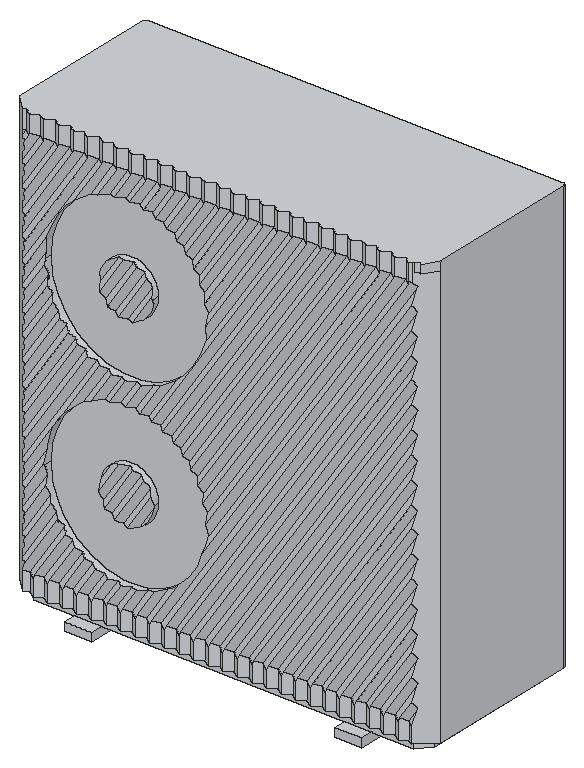
Revit family "HPR17HT", category Mechanical Equipment, Revit 2021 (continued)
Forms (mm)
  Extrusion 17, void
    sketch origin (0, 257.5, 0) x (-1, 0, 0) y (0, 0, 1)
      loop
        arc (-67.279, 726.829) -> (-67.279, 744.507) -> (-84.957, 744.507) r 12.5
        line (-84.957, 744.507) -> (-106.17, 723.293)
      loop
        arc (-106.17, 665.793) -> (-106.17, 648.116) -> (-88.492, 648.116) r 12.5
        line (-88.492, 648.116) -> (-67.279, 669.329)
        arc (-67.279, 669.329) -> (-67.279, 687.007) -> (-84.957, 687.007) r 12.5
        line (-84.957, 687.007) -> (-106.17, 665.793)
      loop
        arc (-106.17, 608.293) -> (-106.17, 590.616) -> (-88.492, 590.616) r 12.5
        line (-88.492, 590.616) -> (-67.279, 611.829)
        arc (-67.279, 611.829) -> (-67.279, 629.507) -> (-84.957, 629.507) r 12.5
        line (-84.957, 629.507) -> (-106.17, 608.293)
      loop
        arc (-106.17, 550.793) -> (-106.17, 533.116) -> (-88.492, 533.116) r 12.5
        line (-88.492, 533.116) -> (-67.279, 554.329)
        arc (-67.279, 554.329) -> (-67.279, 572.007) -> (-84.957, 572.007) r 12.5
        line (-84.957, 572.007) -> (-106.17, 550.793)
      loop
        arc (-106.17, 493.293) -> (-106.17, 475.616) -> (-88.492, 475.616) r 12.5
        line (-88.492, 475.616) -> (-67.279, 496.829)
        arc (-67.279, 496.829) -> (-67.279, 514.507) -> (-84.957, 514.507) r 12.5
        line (-84.957, 514.507) -> (-106.17, 493.293)
      loop
        arc (-106.17, 435.793) -> (-106.17, 418.116) -> (-88.492, 418.116) r 12.5
        line (-88.492, 418.116) -> (-67.279, 439.329)
        arc (-67.279, 439.329) -> (-67.279, 457.007) -> (-84.957, 457.007) r 12.5
        line (-84.957, 457.007) -> (-106.17, 435.793)
      loop
        arc (-106.17, 378.293) -> (-106.17, 360.616) -> (-88.492, 360.616) r 12.5
        line (-88.492, 360.616) -> (-67.279, 381.829)
        arc (-67.279, 381.829) -> (-67.279, 399.507) -> (-84.957, 399.507) r 12.5
        line (-84.957, 399.507) -> (-106.17, 378.293)
      loop
        arc (-106.17, 320.793) -> (-106.17, 303.116) -> (-88.492, 303.116) r 12.5
        line (-88.492, 303.116) -> (-67.279, 324.329)
        arc (-67.279, 324.329) -> (-67.279, 342.007) -> (-84.957, 342.007) r 12.5
        line (-84.957, 342.007) -> (-106.17, 320.793)
      loop
        arc (-106.17, 263.293) -> (-106.17, 245.616) -> (-88.492, 245.616) r 12.5
        line (-88.492, 245.616) -> (-67.279, 266.829)
        arc (-67.279, 266.829) -> (-67.279, 284.507) -> (-84.957, 284.507) r 12.5
        line (-84.957, 284.507) -> (-106.17, 263.293)
      loop
        arc (-106.17, 205.793) -> (-106.17, 188.116) -> (-88.492, 188.116) r 12.5
        line (-88.492, 188.116) -> (-67.279, 209.329)
        arc (-67.279, 209.329) -> (-67.279, 227.007) -> (-84.957, 227.007) r 12.5
        line (-84.957, 227.007) -> (-106.17, 205.793)
      loop
        arc (-106.17, 148.293) -> (-106.17, 130.616) -> (-88.492, 130.616) r 12.5
        line (-88.492, 130.616) -> (-67.279, 151.829)
        arc (-67.279, 151.829) -> (-67.279, 169.507) -> (-84.957, 169.507) r 12.5
        line (-84.957, 169.507) -> (-106.17, 148.293)
      loop
        arc (-106.17, 90.793) -> (-106.17, 73.116) -> (-88.492, 73.116) r 12.5
        line (-88.492, 73.116) -> (-67.279, 94.329)
        arc (-67.279, 94.329) -> (-67.279, 112.007) -> (-84.957, 112.007) r 12.5
        line (-84.957, 112.007) -> (-106.17, 90.793)
    from -25 to 10
  Sweep 18, void
    path origin (-909.327, -257.5, 0) x (-1, 0, 0) y (0, 0, 1)
      loop
        line (-613.5, 1329) -> (-613.5, 1279) -> (154.5, 110) -> (154.5, 50)
    profile "Family2 : Family2" origin (-295.827, -257.5, 1304) x (-1, 0, 0) y (0, 1, 0)
      loop
        line (0, 0) -> (-21.651, 12.5) -> (-43.301, 0) -> (-43.301, -5) -> (0, -5) -> (0, 0)
  Sweep 19, void
    path origin (-866.025, -257.5, 0) x (-1, 0, 0) y (0, 0, 1)
      loop
        line (-613.5, 1329) -> (-613.5, 1279) -> (154.5, 110) -> (154.5, 50)
    profile "Family2 : Family2" origin (-252.525, -257.5, 1304) x (-1, 0, 0) y (0, 1, 0)
      loop
        line (0, 0) -> (-21.651, 12.5) -> (-43.301, 0) -> (-43.301, -5) -> (0, -5) -> (0, 0)
  Sweep 20, void
    path origin (-822.724, -257.5, 0) x (-1, 0, 0) y (0, 0, 1)
      loop
        line (-613.5, 1329) -> (-613.5, 1279) -> (154.5, 110) -> (154.5, 50)
    profile "Family2 : Family2" origin (-209.224, -257.5, 1304) x (-1, 0, 0) y (0, 1, 0)
      loop
        line (0, 0) -> (-21.651, 12.5) -> (-43.301, 0) -> (-43.301, -5) -> (0, -5) -> (0, 0)
  Sweep 21, void
    path origin (-779.423, -257.5, 0) x (-1, 0, 0) y (0, 0, 1)
      loop
        line (-613.5, 1329) -> (-613.5, 1279) -> (154.5, 110) -> (154.5, 50)
    profile "Family2 : Family2" origin (-165.923, -257.5, 1304) x (-1, 0, 0) y (0, 1, 0)
      loop
        line (0, 0) -> (-21.651, 12.5) -> (-43.301, 0) -> (-43.301, -5) -> (0, -5) -> (0, 0)
  Sweep 22, void
    path origin (-736.122, -257.5, 0) x (-1, 0, 0) y (0, 0, 1)
      loop
        line (-613.5, 1329) -> (-613.5, 1279) -> (154.5, 110) -> (154.5, 50)
    profile "Family2 : Family2" origin (-122.622, -257.5, 1304) x (-1, 0, 0) y (0, 1, 0)
      loop
        line (0, 0) -> (-21.651, 12.5) -> (-43.301, 0) -> (-43.301, -5) -> (0, -5) -> (0, 0)
  Sweep 23, void
    path origin (-692.82, -257.5, 0) x (-1, 0, 0) y (0, 0, 1)
      loop
        line (-613.5, 1329) -> (-613.5, 1279) -> (154.5, 110) -> (154.5, 50)
    profile "Family2 : Family2" origin (-79.32, -257.5, 1304) x (-1, 0, 0) y (0, 1, 0)
      loop
        line (0, 0) -> (-21.651, 12.5) -> (-43.301, 0) -> (-43.301, -5) -> (0, -5) -> (0, 0)
  Sweep 24, void
    path origin (-649.519, -257.5, 0) x (-1, 0, 0) y (0, 0, 1)
      loop
        line (-613.5, 1329) -> (-613.5, 1279) -> (154.5, 110) -> (154.5, 50)
    profile "Family2 : Family2" origin (-36.019, -257.5, 1304) x (-1, 0, 0) y (0, 1, 0)
      loop
        line (0, 0) -> (-21.651, 12.5) -> (-43.301, 0) -> (-43.301, -5) -> (0, -5) -> (0, 0)
  Sweep 25, void
    path origin (-606.218, -257.5, 0) x (-1, 0, 0) y (0, 0, 1)
      loop
        line (-613.5, 1329) -> (-613.5, 1279) -> (154.5, 110) -> (154.5, 50)
    profile "Family2 : Family2" origin (7.282, -257.5, 1304) x (-1, 0, 0) y (0, 1, 0)
      loop
        line (0, 0) -> (-21.651, 12.5) -> (-43.301, 0) -> (-43.301, -5) -> (0, -5) -> (0, 0)
  Sweep 26, void
    path origin (-562.917, -257.5, 0) x (-1, 0, 0) y (0, 0, 1)
      loop
        line (-613.5, 1329) -> (-613.5, 1279) -> (154.5, 110) -> (154.5, 50)
    profile "Family2 : Family2" origin (50.583, -257.5, 1304) x (-1, 0, 0) y (0, 1, 0)
      loop
        line (0, 0) -> (-21.651, 12.5) -> (-43.301, 0) -> (-43.301, -5) -> (0, -5) -> (0, 0)
  Sweep 27, void
    path origin (-519.615, -257.5, 0) x (-1, 0, 0) y (0, 0, 1)
      loop
        line (-613.5, 1329) -> (-613.5, 1279) -> (154.5, 110) -> (154.5, 50)
    profile "Family2 : Family2" origin (93.885, -257.5, 1304) x (-1, 0, 0) y (0, 1, 0)
      loop
        line (0, 0) -> (-21.651, 12.5) -> (-43.301, 0) -> (-43.301, -5) -> (0, -5) -> (0, 0)
  Sweep 28, void
    path origin (-476.314, -257.5, 0) x (-1, 0, 0) y (0, 0, 1)
      loop
        line (-613.5, 1329) -> (-613.5, 1279) -> (154.5, 110) -> (154.5, 50)
    profile "Family2 : Family2" origin (137.186, -257.5, 1304) x (-1, 0, 0) y (0, 1, 0)
      loop
        line (0, 0) -> (-21.651, 12.5) -> (-43.301, 0) -> (-43.301, -5) -> (0, -5) -> (0, 0)
  Sweep 29, void
    path origin (-433.013, -257.5, 0) x (-1, 0, 0) y (0, 0, 1)
      loop
        line (-613.5, 1329) -> (-613.5, 1279) -> (154.5, 110) -> (154.5, 50)
    profile "Family2 : Family2" origin (180.487, -257.5, 1304) x (-1, 0, 0) y (0, 1, 0)
      loop
        line (0, 0) -> (-21.651, 12.5) -> (-43.301, 0) -> (-43.301, -5) -> (0, -5) -> (0, 0)
  Sweep 30, void
    path origin (-389.711, -257.5, 0) x (-1, 0, 0) y (0, 0, 1)
      loop
        line (-613.5, 1329) -> (-613.5, 1279) -> (154.5, 110) -> (154.5, 50)
    profile "Family2 : Family2" origin (223.789, -257.5, 1304) x (-1, 0, 0) y (0, 1, 0)
      loop
        line (0, 0) -> (-21.651, 12.5) -> (-43.301, 0) -> (-43.301, -5) -> (0, -5) -> (0, 0)
  Sweep 31, void
    path origin (-346.41, -257.5, 0) x (-1, 0, 0) y (0, 0, 1)
      loop
        line (-613.5, 1329) -> (-613.5, 1279) -> (154.5, 110) -> (154.5, 50)
    profile "Family2 : Family2" origin (267.09, -257.5, 1304) x (-1, 0, 0) y (0, 1, 0)
      loop
        line (0, 0) -> (-21.651, 12.5) -> (-43.301, 0) -> (-43.301, -5) -> (0, -5) -> (0, 0)
  Sweep 32, void
    path origin (-303.109, -257.5, 0) x (-1, 0, 0) y (0, 0, 1)
      loop
        line (-613.5, 1329) -> (-613.5, 1279) -> (154.5, 110) -> (154.5, 50)
    profile "Family2 : Family2" origin (310.391, -257.5, 1304) x (-1, 0, 0) y (0, 1, 0)
      loop
        line (0, 0) -> (-21.651, 12.5) -> (-43.301, 0) -> (-43.301, -5) -> (0, -5) -> (0, 0)
  Sweep 33, void
    path origin (-259.808, -257.5, 0) x (-1, 0, 0) y (0, 0, 1)
      loop
        line (-613.5, 1329) -> (-613.5, 1279) -> (154.5, 110) -> (154.5, 50)
    profile "Family2 : Family2" origin (353.692, -257.5, 1304) x (-1, 0, 0) y (0, 1, 0)
      loop
        line (0, 0) -> (-21.651, 12.5) -> (-43.301, 0) -> (-43.301, -5) -> (0, -5) -> (0, 0)
  Sweep 34, void
    path origin (-216.506, -257.5, 0) x (-1, 0, 0) y (0, 0, 1)
      loop
        line (-613.5, 1329) -> (-613.5, 1279) -> (154.5, 110) -> (154.5, 50)
    profile "Family2 : Family2" origin (396.994, -257.5, 1304) x (-1, 0, 0) y (0, 1, 0)
      loop
        line (0, 0) -> (-21.651, 12.5) -> (-43.301, 0) -> (-43.301, -5) -> (0, -5) -> (0, 0)
  Sweep 35, void
    path origin (-173.205, -257.5, 0) x (-1, 0, 0) y (0, 0, 1)
      loop
        line (-613.5, 1329) -> (-613.5, 1279) -> (154.5, 110) -> (154.5, 50)
    profile "Family2 : Family2" origin (440.295, -257.5, 1304) x (-1, 0, 0) y (0, 1, 0)
      loop
        line (0, 0) -> (-21.651, 12.5) -> (-43.301, 0) -> (-43.301, -5) -> (0, -5) -> (0, 0)
  Sweep 36, void
    path origin (-129.904, -257.5, 0) x (-1, 0, 0) y (0, 0, 1)
      loop
        line (-613.5, 1329) -> (-613.5, 1279) -> (154.5, 110) -> (154.5, 50)
    profile "Family2 : Family2" origin (483.596, -257.5, 1304) x (-1, 0, 0) y (0, 1, 0)
      loop
        line (0, 0) -> (-21.651, 12.5) -> (-43.301, 0) -> (-43.301, -5) -> (0, -5) -> (0, 0)
  Sweep 37, void
    path origin (-86.603, -257.5, 0) x (-1, 0, 0) y (0, 0, 1)
      loop
        line (-613.5, 1329) -> (-613.5, 1279) -> (154.5, 110) -> (154.5, 50)
    profile "Family2 : Family2" origin (526.897, -257.5, 1304) x (-1, 0, 0) y (0, 1, 0)
      loop
        line (0, 0) -> (-21.651, 12.5) -> (-43.301, 0) -> (-43.301, -5) -> (0, -5) -> (0, 0)
  Sweep 38, void
    path origin (-43.301, -257.5, 0) x (-1, 0, 0) y (0, 0, 1)
      loop
        line (-613.5, 1329) -> (-613.5, 1279) -> (154.5, 110) -> (154.5, 50)
    profile "Family2 : Family2" origin (570.199, -257.5, 1304) x (-1, 0, 0) y (0, 1, 0)
      loop
        line (0, 0) -> (-21.651, 12.5) -> (-43.301, 0) -> (-43.301, -5) -> (0, -5) -> (0, 0)
  Sweep 39, void
    path origin (0, -257.5, 0) x (-1, 0, 0) y (0, 0, 1)
      loop
        line (-613.5, 1329) -> (-613.5, 1279) -> (154.5, 110) -> (154.5, 50)
    profile "Family2 : Family2" origin (613.5, -257.5, 1304) x (-1, 0, 0) y (0, 1, 0)
      loop
        line (0, 0) -> (-21.651, 12.5) -> (-43.301, 0) -> (-43.301, -5) -> (0, -5) -> (0, 0)
  Sweep 40, void
    path origin (43.301, -257.5, 0) x (-1, 0, 0) y (0, 0, 1)
      loop
        line (-613.5, 1329) -> (-613.5, 1279) -> (154.5, 110) -> (154.5, 50)
    profile "Family2 : Family2" origin (656.801, -257.5, 1304) x (-1, 0, 0) y (0, 1, 0)
      loop
        line (0, 0) -> (-21.651, 12.5) -> (-43.301, 0) -> (-43.301, -5) -> (0, -5) -> (0, 0)
  Sweep 41, void
    path origin (86.603, -257.5, 0) x (-1, 0, 0) y (0, 0, 1)
      loop
        line (-613.5, 1329) -> (-613.5, 1279) -> (154.5, 110) -> (154.5, 50)
    profile "Family2 : Family2" origin (700.103, -257.5, 1304) x (-1, 0, 0) y (0, 1, 0)
      loop
        line (0, 0) -> (-21.651, 12.5) -> (-43.301, 0) -> (-43.301, -5) -> (0, -5) -> (0, 0)
  Sweep 42, void
    path origin (129.904, -257.5, 0) x (-1, 0, 0) y (0, 0, 1)
      loop
        line (-613.5, 1329) -> (-613.5, 1279) -> (154.5, 110) -> (154.5, 50)
    profile "Family2 : Family2" origin (743.404, -257.5, 1304) x (-1, 0, 0) y (0, 1, 0)
      loop
        line (0, 0) -> (-21.651, 12.5) -> (-43.301, 0) -> (-43.301, -5) -> (0, -5) -> (0, 0)
  Sweep 43, void
    path origin (173.205, -257.5, 0) x (-1, 0, 0) y (0, 0, 1)
      loop
        line (-613.5, 1329) -> (-613.5, 1279) -> (154.5, 110) -> (154.5, 50)
    profile "Family2 : Family2" origin (786.705, -257.5, 1304) x (-1, 0, 0) y (0, 1, 0)
      loop
        line (0, 0) -> (-21.651, 12.5) -> (-43.301, 0) -> (-43.301, -5) -> (0, -5) -> (0, 0)
  Sweep 44, void
    path origin (216.506, -257.5, 0) x (-1, 0, 0) y (0, 0, 1)
      loop
        line (-613.5, 1329) -> (-613.5, 1279) -> (154.5, 110) -> (154.5, 50)
    profile "Family2 : Family2" origin (830.006, -257.5, 1304) x (-1, 0, 0) y (0, 1, 0)
      loop
        line (0, 0) -> (-21.651, 12.5) -> (-43.301, 0) -> (-43.301, -5) -> (0, -5) -> (0, 0)
  Sweep 45, void
    path origin (259.808, -257.5, 0) x (-1, 0, 0) y (0, 0, 1)
      loop
        line (-613.5, 1329) -> (-613.5, 1279) -> (154.5, 110) -> (154.5, 50)
    profile "Family2 : Family2" origin (873.308, -257.5, 1304) x (-1, 0, 0) y (0, 1, 0)
      loop
        line (0, 0) -> (-21.651, 12.5) -> (-43.301, 0) -> (-43.301, -5) -> (0, -5) -> (0, 0)
  Sweep 46, void
    path origin (303.109, -257.5, 0) x (-1, 0, 0) y (0, 0, 1)
      loop
        line (-613.5, 1329) -> (-613.5, 1279) -> (154.5, 110) -> (154.5, 50)
    profile "Family2 : Family2" origin (916.609, -257.5, 1304) x (-1, 0, 0) y (0, 1, 0)
      loop
        line (0, 0) -> (-21.651, 12.5) -> (-43.301, 0) -> (-43.301, -5) -> (0, -5) -> (0, 0)
  Sweep 47, void
    path origin (346.41, -257.5, 0) x (-1, 0, 0) y (0, 0, 1)
      loop
        line (-613.5, 1329) -> (-613.5, 1279) -> (154.5, 110) -> (154.5, 50)
    profile "Family2 : Family2" origin (959.91, -257.5, 1304) x (-1, 0, 0) y (0, 1, 0)
      loop
        line (0, 0) -> (-21.651, 12.5) -> (-43.301, 0) -> (-43.301, -5) -> (0, -5) -> (0, 0)
  Sweep 48, void
    path origin (389.711, -257.5, 0) x (-1, 0, 0) y (0, 0, 1)
      loop
        line (-613.5, 1329) -> (-613.5, 1279) -> (154.5, 110) -> (154.5, 50)
    profile "Family2 : Family2" origin (1003.211, -257.5, 1304) x (-1, 0, 0) y (0, 1, 0)
      loop
        line (0, 0) -> (-21.651, 12.5) -> (-43.301, 0) -> (-43.301, -5) -> (0, -5) -> (0, 0)
  Sweep 49, void
    path origin (433.013, -257.5, 0) x (-1, 0, 0) y (0, 0, 1)
      loop
        line (-613.5, 1329) -> (-613.5, 1279) -> (154.5, 110) -> (154.5, 50)
    profile "Family2 : Family2" origin (1046.513, -257.5, 1304) x (-1, 0, 0) y (0, 1, 0)
      loop
        line (0, 0) -> (-21.651, 12.5) -> (-43.301, 0) -> (-43.301, -5) -> (0, -5) -> (0, 0)
  Sweep 50, void
    path origin (476.314, -257.5, 0) x (-1, 0, 0) y (0, 0, 1)
      loop
        line (-613.5, 1329) -> (-613.5, 1279) -> (154.5, 110) -> (154.5, 50)
    profile "Family2 : Family2" origin (1089.814, -257.5, 1304) x (-1, 0, 0) y (0, 1, 0)
      loop
        line (0, 0) -> (-21.651, 12.5) -> (-43.301, 0) -> (-43.301, -5) -> (0, -5) -> (0, 0)
  Sweep 51, void
    path origin (519.615, -257.5, 0) x (-1, 0, 0) y (0, 0, 1)
      loop
        line (-613.5, 1329) -> (-613.5, 1279) -> (154.5, 110) -> (154.5, 50)
    profile "Family2 : Family2" origin (1133.115, -257.5, 1304) x (-1, 0, 0) y (0, 1, 0)
      loop
        line (0, 0) -> (-21.651, 12.5) -> (-43.301, 0) -> (-43.301, -5) -> (0, -5) -> (0, 0)
  Sweep 52, void
    path origin (562.917, -257.5, 0) x (-1, 0, 0) y (0, 0, 1)
      loop
        line (-613.5, 1329) -> (-613.5, 1279) -> (154.5, 110) -> (154.5, 50)
    profile "Family2 : Family2" origin (1176.417, -257.5, 1304) x (-1, 0, 0) y (0, 1, 0)
      loop
        line (0, 0) -> (-21.651, 12.5) -> (-43.301, 0) -> (-43.301, -5) -> (0, -5) -> (0, 0)
  Sweep 53, void
    path origin (606.218, -257.5, 0) x (-1, 0, 0) y (0, 0, 1)
      loop
        line (-613.5, 1329) -> (-613.5, 1279) -> (154.5, 110) -> (154.5, 50)
    profile "Family2 : Family2" origin (1219.718, -257.5, 1304) x (-1, 0, 0) y (0, 1, 0)
      loop
        line (0, 0) -> (-21.651, 12.5) -> (-43.301, 0) -> (-43.301, -5) -> (0, -5) -> (0, 0)
  Sweep 54, void
    path origin (649.519, -257.5, 0) x (-1, 0, 0) y (0, 0, 1)
      loop
        line (-613.5, 1329) -> (-613.5, 1279) -> (154.5, 110) -> (154.5, 50)
    profile "Family2 : Family2" origin (1263.019, -257.5, 1304) x (-1, 0, 0) y (0, 1, 0)
      loop
        line (0, 0) -> (-21.651, 12.5) -> (-43.301, 0) -> (-43.301, -5) -> (0, -5) -> (0, 0)
  Sweep 55, void
    path origin (692.82, -257.5, 0) x (-1, 0, 0) y (0, 0, 1)
      loop
        line (-613.5, 1329) -> (-613.5, 1279) -> (154.5, 110) -> (154.5, 50)
    profile "Family2 : Family2" origin (1306.32, -257.5, 1304) x (-1, 0, 0) y (0, 1, 0)
      loop
        line (0, 0) -> (-21.651, 12.5) -> (-43.301, 0) -> (-43.301, -5) -> (0, -5) -> (0, 0)
Cuts and joins
  Sweep 2, Sweep 3, Sweep 4, Sweep 5, Sweep 6, Sweep 7, Sweep 8, Extrusion 9, Extrusion 12, Extrusion 17, Sweep 18, Sweep 19, Sweep 20, Sweep 21, Sweep 22, Sweep 23, Sweep 24, Sweep 25, Sweep 26, Sweep 27, Sweep 28, Sweep 29, Sweep 30, Sweep 31, Sweep 32, Sweep 33, Sweep 34, Sweep 35, Sweep 36, Sweep 37, Sweep 38, Sweep 39, Sweep 40, Sweep 41, Sweep 42, Sweep 43, Sweep 44, Sweep 45, Sweep 46, Sweep 47, Sweep 48, Sweep 49, Sweep 50, Sweep 51, Sweep 52, Sweep 53, Sweep 54, Sweep 55 cuts Extrusion 1
  Extrusion 12, Extrusion 17, Sweep 18, Sweep 19, Sweep 20, Sweep 21, Sweep 22, Sweep 23, Sweep 24, Sweep 25, Sweep 26, Sweep 27, Sweep 28, Sweep 29, Sweep 30, Sweep 31, Sweep 32, Sweep 33, Sweep 34, Sweep 35, Sweep 36, Sweep 37, Sweep 38, Sweep 39, Sweep 40, Sweep 41, Sweep 42, Sweep 43, Sweep 44, Sweep 45, Sweep 46, Sweep 47, Sweep 48, Sweep 49, Sweep 50, Sweep 51, Sweep 52, Sweep 53, Sweep 54, Sweep 55 cuts Extrusion 10
  Extrusion 17, Sweep 18, Sweep 19, Sweep 20, Sweep 21, Sweep 22, Sweep 23, Sweep 24, Sweep 25, Sweep 26, Sweep 27, Sweep 28, Sweep 29, Sweep 30, Sweep 31, Sweep 32, Sweep 33, Sweep 34, Sweep 35, Sweep 36, Sweep 37, Sweep 38, Sweep 39, Sweep 40, Sweep 41, Sweep 42, Sweep 43, Sweep 44, Sweep 45, Sweep 46, Sweep 47, Sweep 48, Sweep 49, Sweep 50, Sweep 51, Sweep 52, Sweep 53, Sweep 54, Sweep 55 cuts Extrusion 15
  Extrusion 17, Sweep 18, Sweep 19, Sweep 20, Sweep 21, Sweep 22, Sweep 23, Sweep 24, Sweep 25, Sweep 26, Sweep 27, Sweep 28, Sweep 29, Sweep 30, Sweep 31, Sweep 32, Sweep 33, Sweep 34, Sweep 35, Sweep 36, Sweep 37, Sweep 38, Sweep 39, Sweep 40, Sweep 41, Sweep 42, Sweep 43, Sweep 44, Sweep 45, Sweep 46, Sweep 47, Sweep 48, Sweep 49, Sweep 50, Sweep 51, Sweep 52, Sweep 53, Sweep 54, Sweep 55 cuts Extrusion 16
  joined: Extrusion 1, Extrusion 10, Extrusion 15, Extrusion 16
Dimensions and locks
  equal spacing: plane 4 "BACK", plane 1 "Center (Front/Back)", plane 5 "front"
  "Width": plane 4 "BACK" to plane 5 "front"
  equal spacing: plane 6 "LEFT", plane 3 "Center (Left/Right)", plane 7
  "Length": plane 6 "LEFT" to plane 7
  Extrusion 1 sketch curve to plane 5 "front" = 50.0 mm  (x2)
  Extrusion 1 sketch curve to plane 7 = 50.0 mm
  plane 6 "LEFT" to Extrusion 1 sketch curve = 50.0 mm
  "Overall Height": plane 8 "TOP" to level
  equal spacing: plane 9, plane 1 "Center (Front/Back)", plane 10
  "Overal Width": plane 9 to plane 10
  plane 7 to Extrusion 15 sketch curve = 174.0 mm
  level to Extrusion 15 sketch curve = 1000.0 mm
  equal spacing: plane 12, plane 3 "Center (Left/Right)", plane 11
  "Base": plane 12 to plane 11
  Extrusion 15 sketch curve to Extrusion 15 sketch curve = 166.0 mm
  aligned and locked: level to plane 2
  aligned and locked: Extrusion 1 sketch curve to plane 4 "BACK"
  aligned and locked: plane 7 to Extrusion 1 sketch curve  (x2)
  aligned and locked: plane 6 "LEFT" to Extrusion 1 sketch curve
  aligned and locked: Extrusion 1 sketch curve to plane 5 "front"
Automatic sketch dimensions
  Extrusion 1 sketch curve to Extrusion 1 sketch curve = 10.0 mm
  plane 6 "LEFT" to Extrusion 1 sketch curve = 25.0 mm
  Extrusion 1 sketch curve to Extrusion 1 sketch curve = 10.355 mm  (x4)
  Extrusion 1 sketch curve to plane 7 = 25.0 mm
  Extrusion 1 sketch curve to plane 4 "BACK" = 10.0 mm
  plane 5 "front" to Extrusion 1 sketch curve = 25.0 mm
  Extrusion 1 sketch curve to Extrusion 1 sketch curve = 15.0 mm
  Sweep 2 sketch curve to plane 8 "TOP" = 0.0 mm
  plane 12 to Sweep 2 sketch curve = 60.872 mm
  level to Sweep 2 sketch curve = 110.0 mm
  Sweep 2 sketch curve to plane 6 "LEFT" = 483.628 mm
  plane 8 "TOP" to Sweep 2 sketch curve = 50.0 mm
  level to Sweep 2 sketch curve = 50.0 mm
  Sweep 3 sketch curve to plane 8 "TOP" = 0.0 mm
  plane 12 to Sweep 3 sketch curve = 17.571 mm
  level to Sweep 3 sketch curve = 110.0 mm
  Sweep 3 sketch curve to plane 6 "LEFT" = 526.929 mm
  plane 8 "TOP" to Sweep 3 sketch curve = 50.0 mm
  level to Sweep 3 sketch curve = 50.0 mm
  Sweep 4 sketch curve to plane 8 "TOP" = 0.0 mm
  Sweep 4 sketch curve to plane 12 = 25.73 mm
  level to Sweep 4 sketch curve = 110.0 mm
  Sweep 4 sketch curve to plane 6 "LEFT" = 570.23 mm
  plane 8 "TOP" to Sweep 4 sketch curve = 50.0 mm
  level to Sweep 4 sketch curve = 50.0 mm
  Sweep 5 sketch curve to plane 8 "TOP" = 0.0 mm
  Sweep 5 sketch curve to plane 12 = 69.032 mm
  level to Sweep 5 sketch curve = 110.0 mm
  Sweep 5 sketch curve to plane 6 "LEFT" = 613.532 mm
  plane 8 "TOP" to Sweep 5 sketch curve = 50.0 mm
  level to Sweep 5 sketch curve = 50.0 mm
  Sweep 6 sketch curve to plane 8 "TOP" = 0.0 mm
  plane 8 "TOP" to Sweep 6 sketch curve = 50.0 mm
  plane 6 "LEFT" to Sweep 6 sketch curve = 111.167 mm
  level to Sweep 6 sketch curve = 110.0 mm
  Sweep 6 sketch curve to plane 6 "LEFT" = 656.833 mm
  level to Sweep 6 sketch curve = 50.0 mm
  Sweep 7 sketch curve to plane 8 "TOP" = 0.0 mm
  plane 6 "LEFT" to Sweep 7 sketch curve = 67.866 mm
  level to Sweep 7 sketch curve = 110.0 mm
  Sweep 7 sketch curve to plane 6 "LEFT" = 700.134 mm
  plane 8 "TOP" to Sweep 7 sketch curve = 50.0 mm
  level to Sweep 7 sketch curve = 50.0 mm
  Sweep 8 sketch curve to plane 8 "TOP" = 0.0 mm
  plane 6 "LEFT" to Sweep 8 sketch curve = 24.564 mm
  level to Sweep 8 sketch curve = 110.0 mm
  Sweep 8 sketch curve to plane 6 "LEFT" = 743.436 mm
  plane 8 "TOP" to Sweep 8 sketch curve = 50.0 mm
  level to Sweep 8 sketch curve = 50.0 mm
  plane 5 "front" to Extrusion 9 sketch curve = 69.254 mm  (x7)
  Extrusion 9 sketch curve to Extrusion 9 sketch curve = 0.0 mm  (x14)
  Extrusion 9 sketch curve to Extrusion 9 sketch curve = 8.839 mm  (x844)
  Extrusion 9 sketch curve to Extrusion 9 sketch curve = 3.536 mm  (x246)
  Extrusion 9 sketch curve to Extrusion 9 sketch curve = 21.213 mm  (x27)
  Extrusion 9 sketch curve to Extrusion 9 sketch curve = 21.109 mm  (x105)
  plane 8 "TOP" to Extrusion 9 sketch curve = 66.946 mm  (x2)
  plane 1 "Center (Front/Back)" to Extrusion 9 sketch curve = 8.246 mm  (x21)
  Extrusion 9 sketch curve to plane 1 "Center (Front/Back)" = 0.593 mm  (x21)
  Extrusion 9 sketch curve to plane 1 "Center (Front/Back)" = 9.432 mm  (x21)
  Extrusion 9 sketch curve to plane 1 "Center (Front/Back)" = 12.967 mm  (x21)
  plane 8 "TOP" to Extrusion 9 sketch curve = 75.785 mm
  Extrusion 9 sketch curve to Extrusion 9 sketch curve = 18.609 mm  (x140)
  Extrusion 10 sketch curve to plane 4 "BACK" = 0.0 mm
  Extrusion 10 sketch curve to plane 6 "LEFT" = 0.0 mm
  Extrusion 10 sketch curve to plane 7 = 0.0 mm
  Extrusion 10 sketch curve to plane 5 "front" = 0.0 mm  (x28)
  Extrusion 10 sketch curve to plane 4 "BACK" = 10.0 mm  (x2)
  plane 5 "front" to Extrusion 10 sketch curve = 50.0 mm  (x2)
  plane 5 "front" to Extrusion 10 sketch curve = 12.5 mm  (x28)
  Extrusion 10 sketch curve to plane 12 = 4.08 mm
  Extrusion 10 sketch curve to plane 11 = 1.356 mm
  Extrusion 10 sketch curve to Extrusion 10 sketch curve = 3.19 mm
  plane 6 "LEFT" to Extrusion 10 sketch curve = 40.69 mm
  Extrusion 10 sketch curve to Extrusion 10 sketch curve = 5.525 mm
  Extrusion 10 sketch curve to Extrusion 10 sketch curve = 21.651 mm  (x47)
  plane 12 to Extrusion 10 sketch curve = 17.571 mm
  Extrusion 10 sketch curve to plane 3 "Center (Left/Right)" = 14.368 mm
  Extrusion 10 sketch curve to Extrusion 10 sketch curve = 1.651 mm
  plane 3 "Center (Left/Right)" to Extrusion 10 sketch curve = 8.933 mm
  Extrusion 10 sketch curve to plane 11 = 23.006 mm
  plane 11 to Extrusion 10 sketch curve = 20.295 mm
  plane 6 "LEFT" to Extrusion 11 sketch curve = 25.0 mm
  plane 5 "front" to Extrusion 11 sketch curve = 25.0 mm
  Extrusion 11 sketch curve to Extrusion 11 sketch curve = 35.355 mm  (x3)
  Extrusion 11 sketch curve to plane 7 = 60.355 mm
  Extrusion 11 sketch curve to plane 7 = 25.0 mm
  Extrusion 11 sketch curve to plane 4 "BACK" = 25.0 mm
  Extrusion 12 sketch curve to Extrusion 12 sketch curve = 0.0 mm  (x4)
  plane 12 to Extrusion 12 sketch curve = 125.961 mm  (x2)
  level to Extrusion 12 sketch curve = 409.65 mm
  plane 8 "TOP" to Extrusion 12 sketch curve = 371.94 mm
  plane 6 "LEFT" to Extrusion 13 sketch curve = 32.967 mm
  Extrusion 13 sketch curve to plane 7 = 49.033 mm
  plane 5 "front" to Extrusion 13 sketch curve = 47.219 mm
  Extrusion 13 sketch curve to plane 4 "BACK" = 38.781 mm
  Sweep 14 sketch curve to plane 3 "Center (Left/Right)" = 0.0 mm
  Sweep 14 sketch curve to plane 10 = 0.0 mm
  Sweep 14 sketch curve to plane 9 = 0.0 mm
  Sweep 14 sketch curve to level = 0.0 mm  (x2)
  profile plane to Sweep 14 sketch curve = 440.0 mm
  Sweep 14 sketch curve to Sweep 14 sketch curve = 80.0 mm  (x2)
  level to Sweep 14 sketch curve = 25.0 mm  (x2)
  Sweep 14 sketch curve to profile plane = 360.0 mm
  plane 11 to Extrusion 15 sketch curve = 47.857 mm
  Extrusion 16 sketch curve to plane 7 = 77.657 mm
  Extrusion 16 sketch curve to Extrusion 16 sketch curve = 0.774 mm
  plane 8 "TOP" to Extrusion 16 sketch curve = 289.379 mm
  Extrusion 16 sketch curve to Extrusion 16 sketch curve = 30.309 mm
  plane 3 "Center (Left/Right)" to Extrusion 17 sketch curve = 106.17 mm  (x3)
  Extrusion 17 sketch curve to Extrusion 17 sketch curve = 0.0 mm  (x25)
  Extrusion 17 sketch curve to Extrusion 17 sketch curve = 8.839 mm  (x1445)
  Extrusion 17 sketch curve to Extrusion 17 sketch curve = 3.536 mm  (x447)
  Extrusion 17 sketch curve to Extrusion 17 sketch curve = 21.213 mm  (x31)
  Extrusion 17 sketch curve to Extrusion 17 sketch curve = 21.109 mm  (x210)
  plane 3 "Center (Left/Right)" to Extrusion 17 sketch curve = 24.957 mm
  plane 3 "Center (Left/Right)" to Extrusion 17 sketch curve = 7.279 mm  (x21)
  Extrusion 17 sketch curve to plane 3 "Center (Left/Right)" = 13.83 mm  (x21)
  level to Extrusion 17 sketch curve = 73.116 mm  (x5)
  plane 8 "TOP" to Extrusion 17 sketch curve = 66.993 mm  (x2)
  level to Extrusion 17 sketch curve = 94.329 mm  (x2)
  plane 8 "TOP" to Extrusion 17 sketch curve = 84.671 mm  (x2)
  level to Extrusion 17 sketch curve = 90.793 mm
  plane 8 "TOP" to Extrusion 17 sketch curve = 88.207 mm
  plane 8 "TOP" to Extrusion 17 sketch curve = 105.884 mm
  plane 12 to Extrusion 17 sketch curve = 8.492 mm  (x21)
  plane 12 to Extrusion 17 sketch curve = 4.957 mm  (x21)
  Extrusion 17 sketch curve to plane 12 = 3.882 mm  (x21)
  Extrusion 17 sketch curve to Extrusion 17 sketch curve = 18.609 mm  (x239)
  Sweep 18 sketch curve to plane 8 "TOP" = 0.0 mm
  plane 8 "TOP" to Sweep 18 sketch curve = 50.0 mm
  plane 12 to Sweep 18 sketch curve = 104.173 mm
  level to Sweep 18 sketch curve = 110.0 mm
  Sweep 18 sketch curve to plane 6 "LEFT" = 440.327 mm
  level to Sweep 18 sketch curve = 50.0 mm
  Sweep 19 sketch curve to plane 8 "TOP" = 0.0 mm
  plane 8 "TOP" to Sweep 19 sketch curve = 50.0 mm
  plane 12 to Sweep 19 sketch curve = 147.475 mm
  level to Sweep 19 sketch curve = 110.0 mm
  Sweep 19 sketch curve to plane 6 "LEFT" = 397.025 mm
  level to Sweep 19 sketch curve = 50.0 mm
  Sweep 20 sketch curve to plane 8 "TOP" = 0.0 mm
  plane 8 "TOP" to Sweep 20 sketch curve = 50.0 mm
  plane 12 to Sweep 20 sketch curve = 190.776 mm
  level to Sweep 20 sketch curve = 110.0 mm
  Sweep 20 sketch curve to plane 6 "LEFT" = 353.724 mm
  level to Sweep 20 sketch curve = 50.0 mm
  Sweep 21 sketch curve to plane 8 "TOP" = 0.0 mm
  plane 8 "TOP" to Sweep 21 sketch curve = 50.0 mm
  Sweep 21 sketch curve to plane 3 "Center (Left/Right)" = 165.923 mm
  level to Sweep 21 sketch curve = 110.0 mm
  Sweep 21 sketch curve to plane 6 "LEFT" = 310.423 mm
  level to Sweep 21 sketch curve = 50.0 mm
  Sweep 22 sketch curve to plane 8 "TOP" = 0.0 mm
  plane 8 "TOP" to Sweep 22 sketch curve = 50.0 mm
  Sweep 22 sketch curve to plane 3 "Center (Left/Right)" = 122.622 mm
  level to Sweep 22 sketch curve = 110.0 mm
  Sweep 22 sketch curve to plane 6 "LEFT" = 267.122 mm
  level to Sweep 22 sketch curve = 50.0 mm
  Sweep 23 sketch curve to plane 8 "TOP" = 0.0 mm
  Sweep 23 sketch curve to plane 3 "Center (Left/Right)" = 79.32 mm
  level to Sweep 23 sketch curve = 110.0 mm
  Sweep 23 sketch curve to plane 6 "LEFT" = 223.82 mm
  plane 8 "TOP" to Sweep 23 sketch curve = 50.0 mm
  level to Sweep 23 sketch curve = 50.0 mm
  Sweep 24 sketch curve to plane 8 "TOP" = 0.0 mm
  Sweep 24 sketch curve to plane 3 "Center (Left/Right)" = 36.019 mm
  Sweep 24 sketch curve to plane 6 "LEFT" = 180.519 mm
  plane 8 "TOP" to Sweep 24 sketch curve = 50.0 mm
  level to Sweep 24 sketch curve = 110.0 mm
  level to Sweep 24 sketch curve = 50.0 mm
  Sweep 25 sketch curve to plane 8 "TOP" = 0.0 mm
  plane 3 "Center (Left/Right)" to Sweep 25 sketch curve = 7.282 mm
  Sweep 25 sketch curve to plane 6 "LEFT" = 137.218 mm
  plane 8 "TOP" to Sweep 25 sketch curve = 50.0 mm
  level to Sweep 25 sketch curve = 110.0 mm
  level to Sweep 25 sketch curve = 50.0 mm
  Sweep 26 sketch curve to plane 8 "TOP" = 0.0 mm
  plane 3 "Center (Left/Right)" to Sweep 26 sketch curve = 50.583 mm
  Sweep 26 sketch curve to plane 6 "LEFT" = 93.917 mm
  plane 8 "TOP" to Sweep 26 sketch curve = 50.0 mm
  level to Sweep 26 sketch curve = 110.0 mm
  level to Sweep 26 sketch curve = 50.0 mm
  Sweep 27 sketch curve to plane 8 "TOP" = 0.0 mm
  plane 3 "Center (Left/Right)" to Sweep 27 sketch curve = 93.885 mm
  Sweep 27 sketch curve to plane 6 "LEFT" = 50.615 mm
  plane 8 "TOP" to Sweep 27 sketch curve = 50.0 mm
  level to Sweep 27 sketch curve = 110.0 mm
  level to Sweep 27 sketch curve = 50.0 mm
  Sweep 28 sketch curve to plane 8 "TOP" = 0.0 mm
  plane 8 "TOP" to Sweep 28 sketch curve = 50.0 mm
  plane 3 "Center (Left/Right)" to Sweep 28 sketch curve = 137.186 mm
  Sweep 28 sketch curve to plane 6 "LEFT" = 7.314 mm
  level to Sweep 28 sketch curve = 110.0 mm
  level to Sweep 28 sketch curve = 50.0 mm
  Sweep 29 sketch curve to plane 8 "TOP" = 0.0 mm
  plane 8 "TOP" to Sweep 29 sketch curve = 50.0 mm
  plane 3 "Center (Left/Right)" to Sweep 29 sketch curve = 180.487 mm
  plane 6 "LEFT" to Sweep 29 sketch curve = 35.987 mm
  level to Sweep 29 sketch curve = 110.0 mm
  level to Sweep 29 sketch curve = 50.0 mm
  Sweep 30 sketch curve to plane 8 "TOP" = 0.0 mm
  plane 8 "TOP" to Sweep 30 sketch curve = 50.0 mm
  Sweep 30 sketch curve to plane 11 = 176.211 mm
  plane 6 "LEFT" to Sweep 30 sketch curve = 79.289 mm
  level to Sweep 30 sketch curve = 110.0 mm
  level to Sweep 30 sketch curve = 50.0 mm
  Sweep 31 sketch curve to plane 8 "TOP" = 0.0 mm
  plane 8 "TOP" to Sweep 31 sketch curve = 50.0 mm
  Sweep 31 sketch curve to plane 11 = 132.91 mm
  Sweep 31 sketch curve to plane 12 = 100.91 mm
  level to Sweep 31 sketch curve = 110.0 mm
  level to Sweep 31 sketch curve = 50.0 mm
  Sweep 32 sketch curve to plane 8 "TOP" = 0.0 mm
  Sweep 32 sketch curve to plane 11 = 89.609 mm
  Sweep 32 sketch curve to plane 12 = 57.609 mm
  plane 8 "TOP" to Sweep 32 sketch curve = 50.0 mm
  level to Sweep 32 sketch curve = 110.0 mm
  level to Sweep 32 sketch curve = 50.0 mm
  Sweep 33 sketch curve to plane 8 "TOP" = 0.0 mm
  Sweep 33 sketch curve to plane 11 = 46.308 mm
  Sweep 33 sketch curve to plane 12 = 14.308 mm
  plane 8 "TOP" to Sweep 33 sketch curve = 50.0 mm
  level to Sweep 33 sketch curve = 110.0 mm
  level to Sweep 33 sketch curve = 50.0 mm
  Sweep 34 sketch curve to plane 8 "TOP" = 0.0 mm
  Sweep 34 sketch curve to plane 11 = 3.006 mm
  plane 12 to Sweep 34 sketch curve = 28.994 mm
  plane 8 "TOP" to Sweep 34 sketch curve = 50.0 mm
  level to Sweep 34 sketch curve = 110.0 mm
  level to Sweep 34 sketch curve = 50.0 mm
  Sweep 35 sketch curve to plane 8 "TOP" = 0.0 mm
  plane 11 to Sweep 35 sketch curve = 40.295 mm
  plane 12 to Sweep 35 sketch curve = 72.295 mm
  plane 8 "TOP" to Sweep 35 sketch curve = 50.0 mm
  level to Sweep 35 sketch curve = 110.0 mm
  level to Sweep 35 sketch curve = 50.0 mm
  Sweep 36 sketch curve to plane 8 "TOP" = 0.0 mm
  plane 11 to Sweep 36 sketch curve = 83.596 mm
  plane 12 to Sweep 36 sketch curve = 115.596 mm
  plane 8 "TOP" to Sweep 36 sketch curve = 50.0 mm
  level to Sweep 36 sketch curve = 110.0 mm
  level to Sweep 36 sketch curve = 50.0 mm
  Sweep 37 sketch curve to plane 8 "TOP" = 0.0 mm
  Sweep 37 sketch curve to plane 7 = 96.603 mm
  plane 12 to Sweep 37 sketch curve = 158.897 mm
  plane 8 "TOP" to Sweep 37 sketch curve = 50.0 mm
  level to Sweep 37 sketch curve = 110.0 mm
  level to Sweep 37 sketch curve = 50.0 mm
  Sweep 38 sketch curve to plane 8 "TOP" = 0.0 mm
  Sweep 38 sketch curve to plane 7 = 53.301 mm
  Sweep 38 sketch curve to plane 3 "Center (Left/Right)" = 197.801 mm
  plane 8 "TOP" to Sweep 38 sketch curve = 50.0 mm
  level to Sweep 38 sketch curve = 110.0 mm
  level to Sweep 38 sketch curve = 50.0 mm
  Sweep 39 sketch curve to plane 8 "TOP" = 0.0 mm
  Sweep 39 sketch curve to plane 7 = 10.0 mm
  Sweep 39 sketch curve to plane 3 "Center (Left/Right)" = 154.5 mm
  plane 8 "TOP" to Sweep 39 sketch curve = 50.0 mm
  level to Sweep 39 sketch curve = 110.0 mm
  level to Sweep 39 sketch curve = 50.0 mm
  Sweep 40 sketch curve to plane 8 "TOP" = 0.0 mm
  plane 7 to Sweep 40 sketch curve = 33.301 mm
  Sweep 40 sketch curve to plane 3 "Center (Left/Right)" = 111.199 mm
  plane 8 "TOP" to Sweep 40 sketch curve = 50.0 mm
  level to Sweep 40 sketch curve = 110.0 mm
  level to Sweep 40 sketch curve = 50.0 mm
  Sweep 41 sketch curve to plane 8 "TOP" = 0.0 mm
  plane 7 to Sweep 41 sketch curve = 76.603 mm
  Sweep 41 sketch curve to plane 3 "Center (Left/Right)" = 67.897 mm
  plane 8 "TOP" to Sweep 41 sketch curve = 50.0 mm
  level to Sweep 41 sketch curve = 110.0 mm
  level to Sweep 41 sketch curve = 50.0 mm
  Sweep 42 sketch curve to plane 8 "TOP" = 0.0 mm
  plane 8 "TOP" to Sweep 42 sketch curve = 50.0 mm
  plane 7 to Sweep 42 sketch curve = 119.904 mm
  Sweep 42 sketch curve to plane 3 "Center (Left/Right)" = 24.596 mm
  level to Sweep 42 sketch curve = 110.0 mm
  level to Sweep 42 sketch curve = 50.0 mm
  Sweep 43 sketch curve to plane 8 "TOP" = 0.0 mm
  plane 8 "TOP" to Sweep 43 sketch curve = 50.0 mm
  plane 7 to Sweep 43 sketch curve = 163.205 mm
  plane 3 "Center (Left/Right)" to Sweep 43 sketch curve = 18.705 mm
  level to Sweep 43 sketch curve = 110.0 mm
  level to Sweep 43 sketch curve = 50.0 mm
  Sweep 44 sketch curve to plane 8 "TOP" = 0.0 mm
  plane 8 "TOP" to Sweep 44 sketch curve = 50.0 mm
  plane 7 to Sweep 44 sketch curve = 206.506 mm
  plane 3 "Center (Left/Right)" to Sweep 44 sketch curve = 62.006 mm
  level to Sweep 44 sketch curve = 110.0 mm
  level to Sweep 44 sketch curve = 50.0 mm
  Sweep 45 sketch curve to plane 8 "TOP" = 0.0 mm
  plane 8 "TOP" to Sweep 45 sketch curve = 50.0 mm
  plane 7 to Sweep 45 sketch curve = 249.808 mm
  plane 3 "Center (Left/Right)" to Sweep 45 sketch curve = 105.308 mm
  level to Sweep 45 sketch curve = 110.0 mm
  level to Sweep 45 sketch curve = 50.0 mm
  Sweep 46 sketch curve to plane 8 "TOP" = 0.0 mm
  plane 8 "TOP" to Sweep 46 sketch curve = 50.0 mm
  plane 7 to Sweep 46 sketch curve = 293.109 mm
  plane 3 "Center (Left/Right)" to Sweep 46 sketch curve = 148.609 mm
  level to Sweep 46 sketch curve = 110.0 mm
  level to Sweep 46 sketch curve = 50.0 mm
  Sweep 47 sketch curve to plane 8 "TOP" = 0.0 mm
  plane 8 "TOP" to Sweep 47 sketch curve = 50.0 mm
  plane 7 to Sweep 47 sketch curve = 336.41 mm
  plane 3 "Center (Left/Right)" to Sweep 47 sketch curve = 191.91 mm
  level to Sweep 47 sketch curve = 110.0 mm
  level to Sweep 47 sketch curve = 50.0 mm
  Sweep 48 sketch curve to plane 8 "TOP" = 0.0 mm
  plane 8 "TOP" to Sweep 48 sketch curve = 50.0 mm
  plane 7 to Sweep 48 sketch curve = 379.711 mm
  Sweep 48 sketch curve to plane 11 = 164.789 mm
  level to Sweep 48 sketch curve = 110.0 mm
  level to Sweep 48 sketch curve = 50.0 mm
  Sweep 49 sketch curve to plane 8 "TOP" = 0.0 mm
  plane 8 "TOP" to Sweep 49 sketch curve = 50.0 mm
  plane 7 to Sweep 49 sketch curve = 423.013 mm
  Sweep 49 sketch curve to plane 11 = 121.487 mm
  level to Sweep 49 sketch curve = 110.0 mm
  level to Sweep 49 sketch curve = 50.0 mm
  Sweep 50 sketch curve to plane 8 "TOP" = 0.0 mm
  plane 8 "TOP" to Sweep 50 sketch curve = 50.0 mm
  plane 7 to Sweep 50 sketch curve = 466.314 mm
  Sweep 50 sketch curve to plane 11 = 78.186 mm
  level to Sweep 50 sketch curve = 110.0 mm
  level to Sweep 50 sketch curve = 50.0 mm
  Sweep 51 sketch curve to plane 8 "TOP" = 0.0 mm
  plane 8 "TOP" to Sweep 51 sketch curve = 50.0 mm
  plane 7 to Sweep 51 sketch curve = 509.615 mm
  Sweep 51 sketch curve to plane 11 = 34.885 mm
  level to Sweep 51 sketch curve = 110.0 mm
  level to Sweep 51 sketch curve = 50.0 mm
  Sweep 52 sketch curve to plane 8 "TOP" = 0.0 mm
  plane 8 "TOP" to Sweep 52 sketch curve = 50.0 mm
  plane 7 to Sweep 52 sketch curve = 552.917 mm
  plane 11 to Sweep 52 sketch curve = 8.417 mm
  level to Sweep 52 sketch curve = 110.0 mm
  level to Sweep 52 sketch curve = 50.0 mm
  Sweep 53 sketch curve to plane 8 "TOP" = 0.0 mm
  plane 8 "TOP" to Sweep 53 sketch curve = 50.0 mm
  plane 7 to Sweep 53 sketch curve = 596.218 mm
  plane 11 to Sweep 53 sketch curve = 51.718 mm
  level to Sweep 53 sketch curve = 110.0 mm
  level to Sweep 53 sketch curve = 50.0 mm
  Sweep 54 sketch curve to plane 8 "TOP" = 0.0 mm
  plane 8 "TOP" to Sweep 54 sketch curve = 50.0 mm
  plane 7 to Sweep 54 sketch curve = 639.519 mm
  plane 11 to Sweep 54 sketch curve = 95.019 mm
  level to Sweep 54 sketch curve = 110.0 mm
  level to Sweep 54 sketch curve = 50.0 mm
  Sweep 55 sketch curve to plane 8 "TOP" = 0.0 mm
  plane 8 "TOP" to Sweep 55 sketch curve = 50.0 mm
  plane 7 to Sweep 55 sketch curve = 682.82 mm
  Sweep 55 sketch curve to plane 7 = 85.18 mm
  level to Sweep 55 sketch curve = 110.0 mm
  level to Sweep 55 sketch curve = 50.0 mm
  radius of Extrusion 12 sketch curve = 240.0 mm  (x2)
  radius of Extrusion 12 sketch curve = 80.0 mm  (x2)
  radius of Extrusion 15 sketch curve = 12.5 mm  (x2)
  radius of Extrusion 16 sketch curve = 5.0 mm  (x2)
Connectors
  piping at (447.857, 282.5, 1165.992), diameter 25, driven by "Connection Size", driven by "Water Flow Rate"
    settings: on cut or joined group 1 (Extrusion 1, Sweep 2, Sweep 3, Sweep 4, Sweep 5, Sweep 6, Sweep 7, Sweep 8, Extrusion 9, Extrusion 10, Extrusion 12, Extrusion 15, Extrusion 16, Extrusion 17, Sweep 18, Sweep 19, Sweep 20, Sweep 21, Sweep 22, Sweep 23, Sweep 24, Sweep 25, Sweep 26, Sweep 27, Sweep 28, Sweep 29, Sweep 30, Sweep 31, Sweep 32, Sweep 33, Sweep 34, Sweep 35, Sweep 36, Sweep 37, Sweep 38, Sweep 39, Sweep 40, Sweep 41, Sweep 42, Sweep 43, Sweep 44, Sweep 45, Sweep 46, Sweep 47, Sweep 48, Sweep 49, Sweep 50, Sweep 51, Sweep 52, Sweep 53, Sweep 54, Sweep 55), index 1, connector inside diameter 609.6 mm, connector length 0.0 mm, flow factor 0, pipe flow 2.9 m³/h, pressure drop 0.0 Pa, fitting loss kfactor 0, connector angle 0.00°, fixture units 0, engagement length 0.0 mm, angle of deflection 0.00°, flow configuration 0, flow direction 0, fitting loss method 0, system type 8, joint type 0, gender type 0, connector reference index -1, connector utility 0, adjustable connector no, is connector primary yes, connector description ""
  piping at (449.5, 282.5, 1000), diameter 25, driven by "Connection Size", driven by "Water Flow Rate"
    settings: on cut or joined group 1, index 2, connector inside diameter 609.6 mm, connector length 0.0 mm, flow factor 0, pipe flow 2.9 m³/h, pressure drop 0.0 Pa, fitting loss kfactor 0, connector angle 0.00°, fixture units 0, engagement length 0.0 mm, angle of deflection 0.00°, flow configuration 0, flow direction 0, fitting loss method 0, system type 7, joint type 0, gender type 0, connector reference index -1, connector utility 0, adjustable connector no, is connector primary no, connector description ""
  electrical at (545.068, 267.5, 1069.93)
    settings: on cut or joined group 1, index 3, voltage 0 V, apparent load 0.00 kW, apparent load phase1 3.85 kW, apparent load phase2 0.00 kW, apparent load phase3 0.00 kW, power factor 1, load classification "Power", number of poles 1, system type 31, power factor state 1, is connector primary yes, connector utility no, sub classification motor no, connector description ""
  electrical at (545.843, 267.5, 1039.621)
    settings: on cut or joined group 1, index 4, voltage 0 V, apparent load 0.00 kW, apparent load phase1 0.00 kW, apparent load phase2 0.00 kW, apparent load phase3 0.00 kW, power factor 1, load classification "Other", number of poles 1, system type 14, power factor state 1, is connector primary no, connector utility no, sub classification motor no, connector description ""
